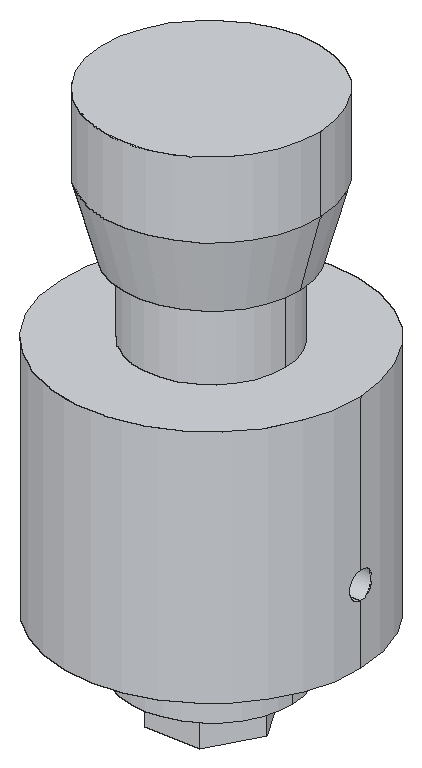
Revit family "M_Regulador de pressão - Operado por maçaneta de mão - 6-25 mm", category Acessórios do tubo, Revit 2019
Family settings
  Cota do conector redondo = Usar raio
  Tipo de parte = Válvula - Quebra entre
  Número OmniClass = 23.65.55.14.17
  Título OmniClass = Adjusting/Controlling Valves for Liquid Services
  ID de item do Seek = Pressure Regulator - Hand Knob Operated - 6-25 mm-0000-CAN-ENU
  Com base no plano de trabalho = Não
  Sempre na vertical = Sim
  Corte com vazios quando carregada = Não
  Compartilhado = Não
Parameters (values of type "6 mm")
  Raio do regulador = 0.5 * Diâmetro do regulador  # 51 mm
  Material do regulador = none
  Altura do regulador = 191 mm
  Diâmetro do regulador = 102 mm
  Queda de pressão [instance] = 48300.0 Pa
  Raio nominal = 3 mm
  Diâmetro nominal = Raio nominal * 2  # 6 mm
  C2 Deslocamento 1 = sqrt(Raio do regulador * Raio do regulador - Raio nominal * Raio nominal)  # 50.912 mm
  C1 Deslocamento 1 = sqrt(Raio do regulador * Raio do regulador - Raio nominal * Raio nominal)  # 50.912 mm
Types (6, lengths in mm): name | Queda de pressão | Raio nominal | Diâmetro nominal | C2 Deslocamento 1 | C1 Deslocamento 1
  (no name) | 48300.0 Pa | 3 | 6 | 50.912 | 50.912
  6 mm | 48300.0 Pa | 3 | 6 | 50.912 | 50.912
  10 mm | 34000.0 Pa | 5 | 10 | 50.754 | 50.754
  15 mm | 34000.0 Pa | 7.5 | 15 | 50.446 | 50.446
  20 mm | 44800.0 Pa | 10 | 20 | 50.01 | 50.01
  25 mm | 48300.0 Pa | 12.5 | 25 | 49.444 | 49.444
Reference planes
  plane 1 "Centro (Frente/Trás)": y = 0
  plane 2: z = 0
  plane 3 "Centro (Esquerda/Direita)": x = 0
  plane 4: z = -25.4
  plane 5: z = -44.45
  plane 6: z = -57.15
  plane 7: x = -9.525
  plane 8: x = 9.525
  plane 9: y = 16.669
  plane 10: y = -16.669
  plane 11: x = -19.05
  plane 12: x = 19.05
  plane 13: z = 133.85
  plane 14: z = 107.656
  plane 15: z = 83.05
  plane 16: z = 57.65
  plane 17: x = -25.4
  plane 18: x = 25.4
  plane 19: x = -51
  plane 20: x = 51
  plane 21: y = 51
  plane 22: y = -51
  plane 23: y = 127
  plane 24: y = 178
  plane 25: y = 229
  plane 26: x = 102
  plane 27: y = 76
  plane 28 "1": x = -50.912
  plane 29 "2": x = 50.912
Forms (mm)
  Extrusion 1, solid, material <- "Material do regulador", detail levels fine
    sketch origin (0, 0, 0) x (1, 0, 0) y (0, 1, 0)
      loop
        line (-9.525, 16.669) -> (-19.05, 0) -> (-9.525, -16.669) -> (9.525, -16.669) -> (19.05, 0) -> (9.525, 16.669) -> (-9.525, 16.669)
    from -57.15 to -44.45
  Extrusion 2, solid, material <- "Material do regulador", detail levels fine
    sketch origin (0, 0, 0) x (1, 0, 0) y (0, 1, 0)
      loop
        circle (0, 0) r 27.781
    from -44.45 to -25.4
  Extrusion 3, solid, material <- "Material do regulador", detail levels fine
    sketch origin (0, 0, 0) x (1, 0, 0) y (0, 1, 0)
      loop
        circle (0, 0) r 51
    from -25.4 to 57.65
  Extrusion 4, solid, material <- "Material do regulador", detail levels fine
    sketch origin (0, 0, 0) x (1, 0, 0) y (0, 1, 0)
      loop
        circle (0, 0) r 25.4
    from 57.65 to 83.05
  Blend 5, solid, material <- "Material do regulador", detail levels fine
    base sketch origin (0, 0, 0) x (1, 0, 0) y (0, 1, 0)
      loop
        circle (0, 0) r 37.306
    top sketch origin (0, 0, 0) x (1, 0, 0) y (0, 1, 0)
      loop
        circle (0, 0) r 30.559
    from 107.656 to 83.05
  Extrusion 6, solid, material <- "Material do regulador", detail levels fine
    sketch origin (0, 0, 0) x (1, 0, 0) y (0, 1, 0)
      loop
        circle (0, 0) r 37.306
    from 107.656 to 133.85
  Extrusion 7, void, detail levels fine
    sketch origin (25.4, -4572, 2327.673) x (0, 0, -1) y (0, -1, 0)
      loop
        circle (2327.673, -4572) r 4.763
    from 0 to -25.6
  Extrusion 8, void, detail levels fine
    sketch origin (-25.4, -4572, 2327.673) x (0, 0, -1) y (0, -1, 0)
      loop
        circle (2327.673, -4572) r 4.763
    from 0 to 25.6
Cuts and joins
  Extrusion 7, Extrusion 8 cuts Extrusion 3
  joined: Extrusion 1, Extrusion 2, Extrusion 3, Extrusion 4, Blend 5, Extrusion 6
Lines and regions (mm)
  model lines, detail levels coarse+medium
    curve 1: line (-51, 51, 0) -> (-51, -51, 0)
    curve 2: line (51, 51, 0) -> (51, -51, 0)
    curve 3: line (-51, 51, 0) -> (51, -51, 0)
    curve 4: line (-51, -51, 0) -> (51, 51, 0)
    curve 5: line (0, 127, 0) -> (0, 0, 0)
    curve 6: arc (51, 127, 0) -> (0, 178, 0) -> (-51, 127, 0) r 51
    curve 7: line (-51, 127, 0) -> (51, 127, 0)
    curve 8: line (0, 229, 0) -> (0, 178, 0)
    curve 9: line (0, 229, 0) -> (102, 229, 0)
    curve 10: line (102, 229, 0) -> (102, 127, 0)
    curve 11: line (102, 127, 0) -> (0, 0, 0)
Dimensions and locks
  locked: plane 2 to plane 4 at 25.4
  locked: plane 4 to plane 5 at 19.05
  locked: plane 5 to plane 6 at 12.7
  equal spacing: plane 7, plane 3 "Centro (Esquerda/Direita)", plane 8
  locked: plane 7 to plane 3 "Centro (Esquerda/Direita)" at 9.525
  equal spacing: plane 9, plane 1 "Centro (Frente/Trás)", plane 10
  locked: plane 9 to plane 1 "Centro (Frente/Trás)" at 16.669
  equal spacing: plane 11, plane 3 "Centro (Esquerda/Direita)", plane 12
  locked: plane 3 "Centro (Esquerda/Direita)" to plane 12 at 19.05
  "Altura do regulador": plane 13 to plane 6
  locked: plane 13 to plane 14 at 26.194
  locked: plane 14 to plane 15 at 24.606
  locked: plane 15 to plane 16 at 25.4
  equal spacing: plane 18, plane 3 "Centro (Esquerda/Direita)", plane 17
  locked: plane 18 to plane 3 "Centro (Esquerda/Direita)" at 25.4
  equal spacing: plane 20, plane 3 "Centro (Esquerda/Direita)", plane 19
  "Raio do regulador": plane 3 "Centro (Esquerda/Direita)" to plane 19
  equal spacing: plane 21, plane 1 "Centro (Frente/Trás)", plane 22
  "Raio do regulador": plane 21 to plane 1 "Centro (Frente/Trás)"
  "Raio do regulador": plane 24 to plane 23
  "Raio do regulador": plane 25 to plane 24
  "Raio do regulador": plane 20 to plane 26
  "Raio do regulador": plane 23 to plane 27
  "C1 Deslocamento 1": plane 3 "Centro (Esquerda/Direita)" to plane 28 "1"
  "C2 Deslocamento 1": plane 29 "2" to plane 3 "Centro (Esquerda/Direita)"
  radius of Extrusion 2 sketch curve = 27.781 mm
  "Raio do regulador": radius of Extrusion 3 sketch curve
  radius of Extrusion 4 sketch curve = 25.4 mm
  radius of Blend 5 sketch curve = 37.306 mm
  radius of Blend 5 sketch curve = 30.559 mm
  radius of Extrusion 6 sketch curve = 37.306 mm
  radius of Extrusion 7 sketch curve = 4.763 mm
  radius of Extrusion 8 sketch curve = 4.763 mm
  "Raio do regulador": radius of curve 6
  aligned and locked: Extrusion 1 to plane 6
  aligned and locked: plane 5 to Extrusion 1
  aligned and locked: plane 3 "Centro (Esquerda/Direita)" to Extrusion 2 sketch curve
  aligned and locked: plane 1 "Centro (Frente/Trás)" to Extrusion 2 sketch curve
  aligned and locked: Extrusion 2 to plane 5
  aligned and locked: plane 4 to Extrusion 2
  aligned and locked: plane 3 "Centro (Esquerda/Direita)" to Extrusion 3 sketch curve
  aligned and locked: plane 1 "Centro (Frente/Trás)" to Extrusion 3 sketch curve
  aligned and locked: Extrusion 3 to plane 4
  aligned and locked: plane 16 to Extrusion 3
  aligned and locked: plane 3 "Centro (Esquerda/Direita)" to Extrusion 4 sketch curve
  aligned and locked: plane 1 "Centro (Frente/Trás)" to Extrusion 4 sketch curve
  aligned and locked: Extrusion 4 to plane 16
  aligned and locked: plane 15 to Extrusion 4
  aligned and locked: plane 3 "Centro (Esquerda/Direita)" to Blend 5 sketch curve  (x2)
  aligned and locked: plane 1 "Centro (Frente/Trás)" to Blend 5 sketch curve  (x2)
  aligned and locked: Blend 5 to plane 14
  aligned and locked: Blend 5 to plane 15
  aligned and locked: plane 3 "Centro (Esquerda/Direita)" to Extrusion 6 sketch curve
  aligned and locked: plane 1 "Centro (Frente/Trás)" to Extrusion 6 sketch curve
  aligned and locked: Extrusion 6 to plane 14
  aligned and locked: plane 13 to Extrusion 6
  aligned and locked: plane 1 "Centro (Frente/Trás)" to Extrusion 7 sketch curve
  aligned and locked: plane 2 to Extrusion 7 sketch curve
  aligned and locked: plane 20 to Extrusion 7
  aligned and locked: Extrusion 7 to plane 18
  aligned and locked: plane 1 "Centro (Frente/Trás)" to Extrusion 8 sketch curve
  aligned and locked: plane 2 to Extrusion 8 sketch curve
  aligned and locked: Extrusion 8 to plane 19
  aligned and locked: plane 17 to Extrusion 8
  aligned and locked: plane 21 to curve 1
  aligned and locked: plane 22 to curve 1
  aligned and locked: curve 1 to plane 19
  aligned and locked: plane 22 to curve 2
  aligned and locked: plane 21 to curve 2
  aligned and locked: curve 2 to plane 20
  aligned and locked: plane 1 "Centro (Frente/Trás)" to curve 5
  aligned and locked: plane 23 to curve 5
  aligned and locked: curve 5 to plane 3 "Centro (Esquerda/Direita)"
  aligned and locked: curve 7 to plane 23
  aligned and locked: plane 23 to curve 6
  aligned and locked: plane 3 "Centro (Esquerda/Direita)" to curve 6
  aligned and locked: plane 3 "Centro (Esquerda/Direita)" to curve 9
  aligned and locked: curve 9 to plane 25
  aligned and locked: plane 25 to curve 10
  aligned and locked: plane 23 to curve 10
  aligned and locked: curve 10 to plane 26
Automatic sketch dimensions
  Extrusion 1 sketch curve to plane 1 "Centro (Frente/Trás)" = 0 mm  (x2)
  Extrusion 1 sketch curve to plane 11 = 0 mm
  Extrusion 1 sketch curve to plane 7 = 0 mm  (x2)
  Extrusion 1 sketch curve to plane 8 = 0 mm  (x2)
  Extrusion 1 sketch curve to plane 12 = 0 mm
  Extrusion 1 sketch curve to plane 10 = 0 mm
  Extrusion 1 sketch curve to plane 9 = 0 mm
Connectors
  piping at (-50.912, 0, 0), diameter 6, driven by "Raio nominal"
    settings: on plane 28 "1", index 1, connector inside diameter 6 mm, connector length 0 mm, flow factor 0, pipe flow 0.0 L/s, pressure drop 0.0 Pa, fitting loss kfactor 0, connector angle 0.00°, fixture units 0, engagement length 0 mm, angle of deflection 0.00°, flow configuration 0, flow direction 0, fitting loss method 4, system type 29, joint type 0, gender type 0, connector reference index 2, connector utility 0, adjustable connector no, is connector primary yes, connector description ""
  piping at (50.912, 0, 0), diameter 6, driven by "Raio nominal", driven by "Queda de pressão"
    settings: index 2, connector inside diameter 6 mm, connector length 0 mm, flow factor 0, pipe flow 0.0 L/s, pressure drop 48300.0 Pa, fitting loss kfactor 0, connector angle 0.00°, fixture units 0, engagement length 0 mm, angle of deflection 0.00°, flow configuration 0, flow direction 0, fitting loss method 4, system type 29, joint type 0, gender type 0, connector reference index 1, connector utility 0, adjustable connector no, is connector primary no, connector description ""
